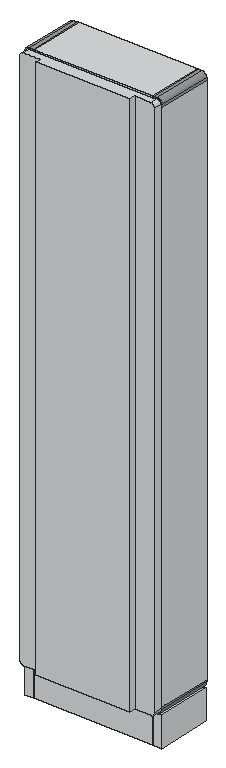
Revit family "Legrand XL³ 800 gaine à câble", category Equipement électrique, Revit 2020
Family settings
  Configuration du panneau = Deux colonnes, circuits au sein
  Cote de connecteur circulaire = Utiliser le diamètre
  Type d'élément = Tableau de raccordement
  Numéro OmniClass = 23.80.30.11.17
  Titre OmniClass = Distribution Boards and Control Panels
  Basée sur le plan de construction = Non
  Toujours verticalement = Oui
  Couper avec des vides une fois chargée = Non
  Partagée = Non
  Point de calcul de pièce = Non
Parameters
  built-in parameter 1140140 [instance] = 1 (stored number, unit not read)
  profondeur zone d'installation = 1330 mm
  Matière coin = "Plastique"  # constant formula
  Matière = "Acier"  # constant formula
  Largeur zone d'installation = 2360 mm
  Hauteur zone d'installation = [Hauteur totale (mm)]  # 1950 mm
  zone d'installation [instance] = yes
  URL = "https://www.legrand.fr/"
  profondeur (mm) = 230 mm
  Conditions Générale d'Utilisation = "https://export.legrand.com/CGU-objets-BIM"
  Armoires = not(Coffrets)  # yes
  Coffrets = no
  plan zone d'installation = if(not(Armoires), 5 mm, 0 mm)  # 0 mm
  niveau Coffret = if(not(Armoires), 0 mm, 100 mm)  # 100 mm
  Modèle = "XL³ 800"
  Largeur (mm) = 460 mm
  IPK (kA) = "50"
  IN max (A) = "800"
  ICW (jusqu'à) (kA) = "25"
  IP sans porte = "30"
  IP avec porte = "43"
  IK sans porte = "07"
  IK avec porte = "08"
  Hauteur totale (mm) = 1950 mm
  Hauteur = if(not(Armoires), [Hauteur totale (mm)], [Hauteur totale (mm)] - 100 mm)  # 1850 mm
  Finition = "Peinture époxipolyester déposée par poudrage électrostatique"
  Fabricant = "Legrand"  # constant formula
  RAL = "7035"
  Elévation par défaut = 0 mm
  built-in parameter 1140142 [instance] = -1
  built-in parameter 1155100 [instance] = -1
Types (3, lengths in mm): name | Hauteur zone d'installation | Hauteur totale (mm) | Hauteur
  (no name) | 1950 | 1950 | 1850
  020423-020433 | 1550 | 1550 | 1450
  020424-020434 | 1950 | 1950 | 1850
Reference planes
  plane 1 "Centre (avant/arrière)": y = 0
  plane 2: z = 0
  plane 3 "Centre (gauche/droite)": x = 0
  plane 4: y = 115
  plane 5: y = -115
  plane 6: x = -230
  plane 7: x = 230
  plane 8: z = 1950
  plane 9: z = 1025
  plane 10: x = -200
  plane 11: z = 1925
  plane 12: z = 1933.5
  plane 13: x = -213.5
  plane 14: z = 1945
  plane 15: z = 105
  plane 16: x = 225
  plane 17: x = -225
  plane 18: y = 114
  plane 19: y = -72
  plane 20: z = 1946
  plane 21: x = 226
  plane 22: z = 104
  plane 23: x = -226
  plane 24: x = 215
  plane 25: x = -205
  plane 26: x = -200
  plane 27: x = 200
  plane 28: y = -42
  plane 29: y = 84
  plane 30: z = 0
  plane 31 "Niveau coffret": z = 100
  plane 32: z = 117
  plane 33: x = -271
  plane 34: z = 125
  plane 35: x = -157
  plane 36: x = 157
  plane 37: y = -96
Forms (mm)
  Extrusion 1, solid, material "IDS_PLASTIQUE"
    sketch origin (0, 0, 0) x (1, 0, 0) y (0, 0, 1)
      loop
        line (-230, 1925) -> (-200, 1925) -> (-200, 1950) -> (-213.5, 1950)
        arc (-213.5, 1950) -> (-225.167, 1945.167) -> (-230, 1933.5) r 16.5
        line (-230, 1933.5) -> (-230, 1925)
      loop
        line (230, 1925) -> (230, 1933.5)
        arc (230, 1933.5) -> (225.167, 1945.167) -> (213.5, 1950) r 16.5
        line (213.5, 1950) -> (200, 1950) -> (200, 1925) -> (230, 1925)
      loop
        line (-230, 125) -> (-230, 116.5)
        arc (-230, 116.5) -> (-225.167, 104.833) -> (-213.5, 100) r 16.5
        line (-213.5, 100) -> (-200, 100) -> (-200, 125) -> (-230, 125)
      loop
        line (230, 125) -> (200, 125) -> (200, 100) -> (213.5, 100)
        arc (213.5, 100) -> (225.167, 104.833) -> (230, 116.5) r 16.5
        line (230, 116.5) -> (230, 125)
    from -115 to 72
  Extrusion 2, solid, material "IDS_ACIER"
    sketch origin (0, 0, 0) x (1, 0, 0) y (0, 0, 1)
      loop
        line (-200, 1950) -> (-200, 1925) -> (200, 1925) -> (200, 1950) -> (-200, 1950)
      loop
        line (-200, 100) -> (200, 100) -> (200, 125) -> (-200, 125) -> (-200, 100)
    from -115 to 72
  Extrusion 3, solid, material "IDS_ACIER"
    sketch origin (0, 0, 0) x (1, 0, 0) y (0, 0, 1)
      loop
        line (-230, 1925) -> (-230, 125) -> (-200, 125) -> (-200, 1925) -> (-230, 1925)
      loop
        line (230, 1925) -> (200, 1925) -> (200, 125) -> (230, 125) -> (230, 1925)
    from -115 to 72
  Extrusion 4, solid, material "IDS_ACIER"
    sketch origin (0, 0, 0) x (1, 0, 0) y (0, 0, 1)
      loop
        line (-225, 1945) -> (-225, 105) -> (225, 105) -> (225, 1945) -> (-225, 1945)
    from -115 to -114
  Extrusion 5, solid, material "IDS_ACIER"
    sketch origin (0, 0, 0) x (1, 0, 0) y (0, 0, 1)
      loop
        line (-226, 1933.5) -> (-226, 116.5)
        arc (-226, 116.5) -> (-222.339, 107.661) -> (-213.5, 104) r 12.5
        line (-213.5, 104) -> (213.5, 104)
        arc (213.5, 104) -> (222.339, 107.661) -> (226, 116.5) r 12.5
        line (226, 116.5) -> (226, 1933.5)
        arc (226, 1933.5) -> (222.339, 1942.339) -> (213.5, 1946) r 12.5
        line (213.5, 1946) -> (-213.5, 1946)
        arc (-213.5, 1946) -> (-222.339, 1942.339) -> (-226, 1933.5) r 12.5
    from 72 to 96
  Extrusion 6, solid, material "IDS_ACIER", visible <- "Armoires"
    sketch origin (0, 0, 0) x (1, 0, 0) y (0, 1, 0)
      loop
        line (-230, 114) -> (-230, -72) -> (-200, -72) -> (-200, 114) -> (-230, 114)
      loop
        line (230, 114) -> (200, 114) -> (200, -72) -> (230, -72) -> (230, 114)
    from 0 to 100
  Extrusion 7, solid, material "IDS_ACIER", visible <- "Armoires"
    sketch origin (0, 0, 0) x (1, 0, 0) y (0, 1, 0)
      loop
        line (-200, -42) -> (-200, -72) -> (200, -72) -> (200, -42) -> (-200, -42)
      loop
        line (-200, 114) -> (-200, 84) -> (200, 84) -> (200, 114) -> (-200, 114)
    from 0 to 100
  Extrusion 8, solid, material "IDS_ACIER"
    sketch origin (0, 0, 0) x (1, 0, 0) y (0, 1, 0)
      loop
        line (-157, -96) -> (-157, -115) -> (157, -115) -> (157, -96) -> (-157, -96)
    from 104 to 1946
Cuts and joins
  joined: Extrusion 2, Extrusion 3, Extrusion 4
  joined: Extrusion 5, Extrusion 8
Dimensions and locks
  equal spacing: plane 6, plane 3 "Centre (gauche/droite)", plane 7
  equal spacing: plane 4, plane 1 "Centre (avant/arrière)", plane 5
  "Largeur (mm)": plane 6 to plane 7
  "profondeur (mm)": plane 4 to plane 5
  locked: plane 10 to plane 6 at 30
  locked: plane 8 to plane 11 at 25
  locked: plane 13 to plane 6 at 16.5
  locked: plane 8 to plane 12 at 16.5
  locked: plane 8 to plane 14 at 5
  locked: plane 17 to plane 6 at 5
  locked: plane 7 to plane 16 at 5
  locked: plane 18 to plane 4 at 1
  locked: plane 5 to plane 19 at 43
  locked: plane 7 to plane 21 at 4
  equal spacing: plane 21, plane 3 "Centre (gauche/droite)", plane 23
  locked: plane 7 to plane 24 at 15
  locked: plane 25 to plane 6 at 25
  locked: plane 6 to plane 26 at 30
  equal spacing: plane 26, plane 3 "Centre (gauche/droite)", plane 27
  locked: plane 28 to plane 19 at 30
  locked: plane 18 to plane 29 at 30
  "plan zone d'installation": plane 30 to plane 2
  "niveau Coffret": plane 31 "Niveau coffret" to plane 2
  "Hauteur": plane 8 to plane 31 "Niveau coffret"
  locked: plane 22 to plane 31 "Niveau coffret" at 4
  equal spacing: plane 8, plane 9, plane 31 "Niveau coffret"
  equal spacing: plane 20, plane 9, plane 22
  locked: plane 15 to plane 31 "Niveau coffret" at 5
  locked: plane 34 to plane 31 "Niveau coffret" at 25
  locked: plane 32 to plane 31 "Niveau coffret" at 17
  locked: plane 6 to plane 35 at 73
  locked: plane 5 to plane 37 at 19
  locked: plane 36 to plane 7 at 73
  aligned and locked: level to plane 2
  aligned and locked: plane 11 to Extrusion 1 sketch curve
  aligned and locked: Extrusion 1 sketch curve to plane 10
  aligned and locked: plane 6 to Extrusion 1 sketch curve
  aligned and locked: plane 4 to Extrusion 1
  aligned and locked: Extrusion 2 sketch curve to plane 8
  aligned and locked: Extrusion 2 sketch curve to Extrusion 1  (x3)
  aligned and locked: plane 4 to Extrusion 2
  aligned and locked: plane 6 to Extrusion 3 sketch curve
  aligned and locked: Extrusion 3 sketch curve to Extrusion 1  (x2)
  aligned and locked: plane 4 to Extrusion 3
  aligned and locked: Extrusion 4 sketch curve to plane 14
  aligned and locked: plane 17 to Extrusion 4 sketch curve
  aligned and locked: plane 15 to Extrusion 4 sketch curve
  aligned and locked: Extrusion 4 sketch curve to plane 16
  aligned and locked: plane 4 to Extrusion 4
  aligned and locked: Extrusion 1 to plane 19
  aligned and locked: Extrusion 1 to Extrusion 3
  aligned and locked: Extrusion 2 to Extrusion 1
  aligned and locked: Extrusion 5 sketch curve to plane 20
  aligned and locked: plane 23 to Extrusion 5 sketch curve
  aligned and locked: plane 22 to Extrusion 5 sketch curve
  aligned and locked: Extrusion 5 sketch curve to plane 21
  aligned and locked: plane 19 to Extrusion 5
  aligned and locked: cut or joined group of Extrusion 2, Extrusion 3, Extrusion 4 to plane 18
  aligned and locked: plane 19 to Extrusion 6 sketch curve
  aligned and locked: Extrusion 6 sketch curve to plane 26
  aligned and locked: plane 6 to Extrusion 6 sketch curve
  aligned and locked: plane 7 to Extrusion 6 sketch curve
  aligned and locked: Extrusion 6 sketch curve to plane 27
  aligned and locked: Extrusion 6 sketch curve to plane 19
  aligned and locked: plane 18 to Extrusion 6 sketch curve
  aligned and locked: Extrusion 6 sketch curve to plane 18
  aligned and locked: plane 19 to Extrusion 7 sketch curve
  aligned and locked: Extrusion 7 sketch curve to plane 28
  aligned and locked: plane 29 to Extrusion 7 sketch curve
  aligned and locked: Extrusion 7 sketch curve to plane 18
  aligned and locked: Extrusion 7 sketch curve to cut or joined group of Extrusion 2, Extrusion 3, Extrusion 4  (x4)
  aligned and locked: cut or joined group of Extrusion 2, Extrusion 3, Extrusion 4 to Extrusion 3 sketch curve
  aligned and locked: plane 34 to Extrusion 1 sketch curve
  aligned and locked: plane 10 to Extrusion 1 sketch curve
  aligned and locked: Extrusion 1 sketch curve to plane 31 "Niveau coffret"
  aligned and locked: Extrusion 1 sketch curve to plane 6
  aligned and locked: Extrusion 1 sketch curve to plane 13
  aligned and locked: plane 31 "Niveau coffret" to Extrusion 7
  aligned and locked: plane 31 "Niveau coffret" to Extrusion 6
  aligned and locked: Extrusion 7 to plane 30
  aligned and locked: Extrusion 6 to plane 30
  aligned and locked: plane 35 to Extrusion 8 sketch curve
  aligned and locked: Extrusion 8 sketch curve to plane 36
  aligned and locked: Extrusion 5 to plane 37
  aligned and locked: Extrusion 8 sketch curve to plane 37
  aligned and locked: Extrusion 8 sketch curve to plane 5
  aligned and locked: Extrusion 5 to Extrusion 8  (x2)
Automatic sketch dimensions
  plane 6 to Extrusion 5 sketch curve = 16.5 mm
  Extrusion 5 sketch curve to Extrusion 5 sketch curve = 12.5 mm
  Extrusion 5 sketch curve to plane 7 = 16.5 mm  (x2)
  Extrusion 1 sketch curve to plane 8 = 0 mm  (x2)
  Extrusion 1 sketch curve to plane 13 = 0 mm
  Extrusion 1 sketch curve to plane 34 = 0 mm
  Extrusion 1 sketch curve to plane 31 "Niveau coffret" = 0 mm
  Extrusion 1 sketch curve to plane 11 = 0 mm
  Extrusion 1 sketch curve to plane 12 = 0 mm
  Extrusion 1 sketch curve to plane 7 = 0 mm  (x2)
  Extrusion 1 sketch curve to Extrusion 1 sketch curve = 13.5 mm
  Extrusion 1 sketch curve to plane 24 = 15 mm
  plane 32 to Extrusion 1 sketch curve = 0.5 mm
  Extrusion 2 sketch curve to plane 31 "Niveau coffret" = 0 mm
  plane 25 to Extrusion 2 sketch curve = 5 mm
  Extrusion 2 sketch curve to plane 24 = 15 mm
  plane 31 "Niveau coffret" to Extrusion 2 sketch curve = 25 mm
  Extrusion 3 sketch curve to plane 7 = 0 mm
  Extrusion 3 sketch curve to plane 24 = 15 mm
  plane 31 "Niveau coffret" to Extrusion 3 sketch curve = 25 mm  (x2)
  Extrusion 3 sketch curve to plane 8 = 25 mm
Connectors
  electrical at (0, 115, 1025)
    settings: on cut or joined group of Extrusion 2, Extrusion 3, Extrusion 4, index 1, voltage 0 V, apparent load 0 VA, apparent load phase1 0 VA, apparent load phase2 0 VA, apparent load phase3 0 VA, power factor 1, load classification "Autre", number of poles 1, system type 31, power factor state 1, is connector primary yes, connector utility no, sub classification motor no, connector description ""
